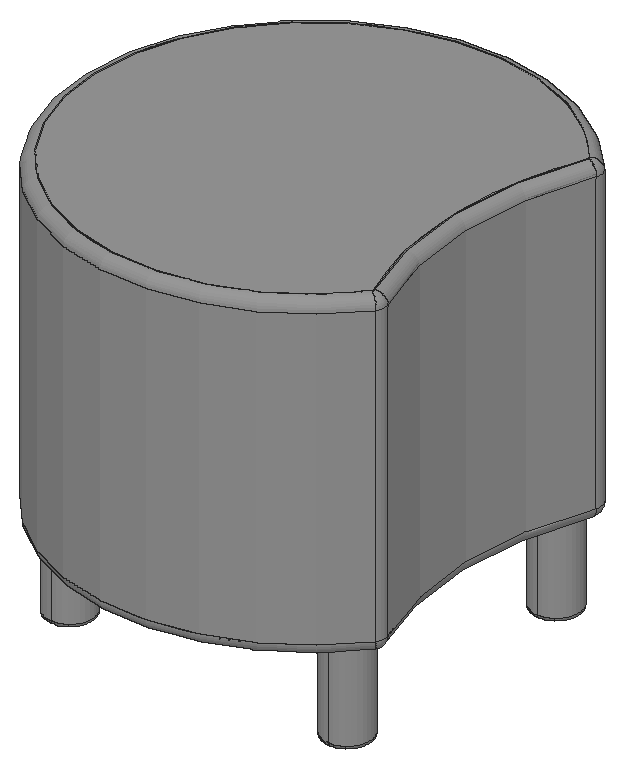
Revit family "30BSL Petal - Legs", category Generic Models, Revit 2018
Family settings
  Can host rebar = No
  Round Connector Dimension = Use Diameter
  Part Type = Normal
  Work Plane-Based = No
  Always vertical = Yes
  Cut with Voids When Loaded = No
  Shared = No
  Room Calculation Point = No
Parameters
  Fabric = 30BSL Petal Fabric
Reference planes (in)
  plane 1 "Center (Front/Back)": y = 0
  plane 2: z = 0
  plane 3 "Center (Left/Right)": x = 0
Forms (in)
  Extrusion 1, solid, material "30BSL Petal Fabric" <- "Fabric"
    sketch origin (0, 0.02336, 0) x (1, 0, 0) y (0, 1, 0)
      loop
        arc (7.67523, 5.90251) -> (-9.25183, -0.02336) -> (7.67523, -5.94924) r 9.5008
        arc (7.67523, -5.94924) -> (6.49651, -0.02336) -> (7.67523, 5.90251) r 15.48521
    from 4 to 18
  Sweep 2, solid, material "30BSL Petal Fabric" <- "Fabric"
    path origin (0, 0.02336, 0) x (1, 0, 0) y (0, 1, 0)
      loop
        arc (7.65869, -5.90915) -> (6.49651, -0.02336) -> (7.65869, 5.86242) r 15.48521
        arc (7.65869, 5.86242) -> (7.66128, 5.89927) -> (7.64971, 5.93435) r 0.09553
        arc (7.64971, 5.93435) -> (-9.25183, -0.02336) -> (7.64971, -5.98108) r 9.5008
        arc (7.64971, -5.98108) -> (7.66128, -5.946) -> (7.65869, -5.90915) r 0.09553
    profile origin (6.49651, 0, 0) x (-1, 0, 0) y (0, 0, 1)
      loop
        arc (0, 18.00122) -> (-0.35441, 17.85441) -> (-0.50122, 17.5) r 0.50122
        line (-0.50122, 17.5) -> (-0.50122, 4.50122)
        arc (-0.50122, 4.50122) -> (-0.35441, 4.1468) -> (0, 4) r 0.50122
        line (0, 4) -> (0, 18.00122)
  Revolve 3, solid, material "30BSL Legs"
    sketch origin (-6.3682, 8.5, 0) x (0, 1, 0) y (0, 0, -1)
      loop
        line (-13.5, -4) -> (-12.5, -4) -> (-12.5, -0.12669)
        arc (-12.5, -0.12669) -> (-12.53711, -0.03711) -> (-12.62669, 0) r 0.12669
        line (-12.62669, 0) -> (-13.5, 0) -> (-13.5, -4)
      axis (-13.5, -4) -> (-13.5, 0)
    angle from 0 to 360
  Revolve 4, solid, material "30BSL Legs"
    sketch origin (-6.3682, 18.5, 0) x (0, 1, 0) y (0, 0, -1)
      loop
        line (-13.5, -4) -> (-12.5, -4) -> (-12.5, -0.12669)
        arc (-12.5, -0.12669) -> (-12.53711, -0.03711) -> (-12.62669, 0) r 0.12669
        line (-12.62669, 0) -> (-13.5, 0) -> (-13.5, -4)
      axis (-13.5, -4) -> (-13.5, 0)
    angle from 0 to 360
  Revolve 5, solid, material "30BSL Legs"
    sketch origin (6.37339, 7.78089, 0) x (0, 1, 0) y (0, 0, -1)
      loop
        line (-13.5, -4) -> (-12.5, -4) -> (-12.5, -0.12669)
        arc (-12.5, -0.12669) -> (-12.53711, -0.03711) -> (-12.62669, 0) r 0.12669
        line (-12.62669, 0) -> (-13.5, 0) -> (-13.5, -4)
      axis (-13.5, -4) -> (-13.5, 0)
    angle from 0 to 360
  Revolve 6, solid, material "30BSL Legs"
    sketch origin (6.37339, -7.78089, 0) x (0, -1, 0) y (0, 0, 1)
      loop
        line (-13.5, 4) -> (-13.5, 0) -> (-12.62669, 0)
        arc (-12.62669, 0) -> (-12.53711, 0.03711) -> (-12.5, 0.12669) r 0.12669
        line (-12.5, 0.12669) -> (-12.5, 4) -> (-13.5, 4)
      axis (-13.5, 4) -> (-13.5, 0)
    angle from 0 to 360
Dimensions and locks (in)
  aligned and locked: plane 2 to level
